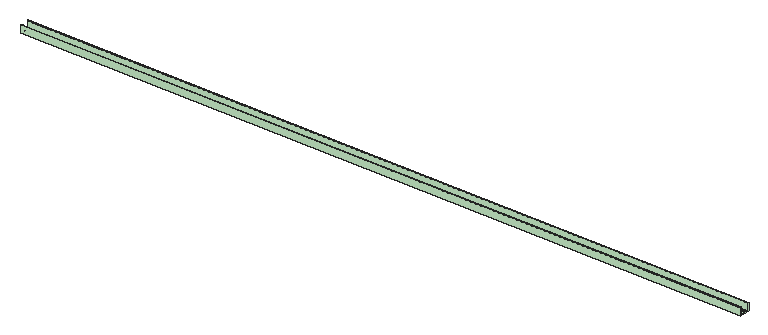
Revit family "WR-50", category 機械設備, Revit 2020
Family settings
  丸型コネクタ寸法 = 直径を使用
  種別 = なし
  パーツ タイプ = 標準
  作業面ベース = いいえ
  常に垂直 = はい
  ロード時にボイドで切り取り = いいえ
  共有 = いいえ
  部屋計算ポイント = いいえ
Parameters
  製造元 = "株式会社桐井製作所"
  既定の高さ = 0 mm
  URL = "https://www.kirii.co.jp/"
  K_長さ(mm) [instance] = 4000 mm
  K_材質 = "SGCCまたはSGHC　一般用"
  K_断面積A(mm2) = 103.5
  K_断面係数Zy(mm3) = 1921
  K_断面係数Zx(mm3) = 651.9
  K_断面2次半径iy(mm) = 22
  K_断面2次半径ix(mm) = 13.2
  K_断面2次モーメントIy(mm4) = 49970
  K_断面2次モーメントIx(mm4) = 17920
  K_外形寸法(mm) = "52×40×0.8"
  K_品名 = "WR-50"
  K_名称 = "ランナー"
  K_単位質量(kg/m) = 0.836
  K_ヤング係数E(N/mm2) = 205000
  K_バージョン情報 = "20210524"
  K_めっき付着量 = "Z12"
  K_JIS規格 = "JIS G 3302"
  K_JIS外 [instance] = not(K_JIS)  # no
  K_JIS [instance] = yes
Reference planes
  plane 1 "中心(正面/背面)": y = 0
  plane 2: z = 0
  plane 3 "中心(左/右)": x = 0
  plane 4: x = 4000
  plane 5: y = -26
  plane 6: y = 26
  plane 7: z = 40
  plane 8: y = 26
  plane 9: y = -26
Forms (mm)
  Extrusion 1, solid
    sketch origin (0, 0, 0) x (0, 1, 0) y (0, 0, 1)
      loop
        line (-26, 0) -> (-16.01, 0) -> (-15.21, 0.8) -> (-6.81, 0.8) -> (-6.01, 0) -> (5.962, 0) -> (6.781, 0.819) -> (15.181, 0.819) -> (16, 0) -> (26, 0) -> (26, 40) -> (25.2, 40) -> (25.2, 0.8) -> (16.331, 0.8) -> (15.512, 1.619) -> (6.449, 1.619) -> (5.63, 0.8) -> (-5.679, 0.8) -> (-6.479, 1.6) -> (-15.541, 1.6) -> (-16.341, 0.8) -> (-25.2, 0.8) -> (-25.2, 40) -> (-26, 40) -> (-26, 0)
    from 0 to 4000
Dimensions and locks
  "K_長さ(mm)": plane 3 "中心(左/右)" to plane 4
  aligned and locked: level to plane 2
  aligned and locked: plane 4 to Extrusion 1
  aligned and locked: Extrusion 1 sketch curve to plane 6
  aligned and locked: plane 5 to Extrusion 1 sketch curve
  aligned and locked: Extrusion 1 to plane 4
Automatic sketch dimensions
  Extrusion 1 sketch curve to plane 7 = 0 mm  (x2)
  Extrusion 1 sketch curve to level = 0 mm  (x3)
  level to Extrusion 1 sketch curve = 0.8 mm  (x4)
  Extrusion 1 sketch curve to Extrusion 1 sketch curve = 0.331 mm  (x8)
  level to Extrusion 1 sketch curve = 1.6 mm
  Extrusion 1 sketch curve to Extrusion 1 sketch curve = 0.8 mm  (x2)
  plane 1 "中心(正面/背面)" to Extrusion 1 sketch curve = 6.81 mm
  Extrusion 1 sketch curve to plane 1 "中心(正面/背面)" = 5.63 mm
  Extrusion 1 sketch curve to Extrusion 1 sketch curve = 0.819 mm  (x2)
  level to Extrusion 1 sketch curve = 0.819 mm
  Extrusion 1 sketch curve to Extrusion 1 sketch curve = 8.4 mm
  level to Extrusion 1 sketch curve = 1.619 mm
  plane 6 to Extrusion 1 sketch curve = 0.8 mm
  Extrusion 1 sketch curve to plane 5 = 0.8 mm
  Extrusion 1 sketch curve to Extrusion 1 sketch curve = 8.859 mm
